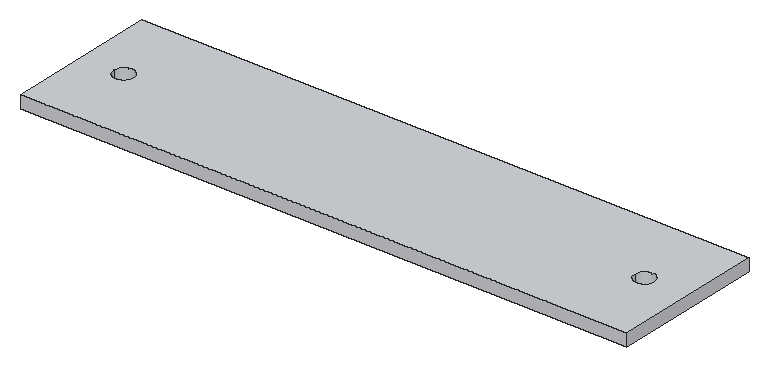
Revit family "Trench Cover 3", category Plumbing Fixtures, Revit 2022
Family settings
  Round Connector Dimension = Use Diameter
  Part Type = Normal
  Work Plane-Based = No
  Always vertical = No
  Cut with Voids When Loaded = No
  Maintain Annotation Orientation = No
  Shared = No
  Room Calculation Point = No
Parameters
  Width [instance] = 300 mm
  Thickness [instance] = 25 mm
  Length [instance] = 1200 mm
  Default Elevation = 0 mm
Reference planes
  plane 1 "Center (Front/Back)": y = 0
  plane 2: z = 0
  plane 3 "Center (Left/Right)": x = 0
  plane 4: y = 150
  plane 5: y = -150
  plane 6: z = 25
  plane 7: x = -600
  plane 8: x = 600
  plane 9: x = -515
  plane 10: x = 515
Forms (mm)
  Extrusion 1, solid
    sketch origin (0, 0, 0) x (1, 0, 0) y (0, 1, 0)
      loop
        line (-600, 150) -> (-600, -150) -> (600, -150) -> (600, 150) -> (-600, 150)
    from 0 to 25
  Extrusion 2, void
    sketch origin (0, 0, 0) x (1, 0, 0) y (0, 1, 0)
      loop
        circle (-515, 0) r 20
      loop
        circle (515, 0) r 20
    from 0 to 25
Cuts and joins
  Extrusion 2 cuts Extrusion 1
Dimensions and locks
  "Thickness": plane 6 to level
  equal spacing: plane 7, plane 3 "Center (Left/Right)", plane 8
  "Length": plane 7 to plane 8
  equal spacing: plane 4, plane 1 "Center (Front/Back)", plane 5
  "Width": plane 5 to plane 4
  locked: plane 7 to plane 9 at 85
  locked: plane 10 to plane 8 at 85
  aligned and locked: level to plane 2
  aligned and locked: Extrusion 1 sketch curve to plane 4
  aligned and locked: Extrusion 1 sketch curve to plane 5
  aligned and locked: Extrusion 1 to plane 7
  aligned and locked: plane 8 to Extrusion 1
  aligned and locked: plane 6 to Extrusion 2
  aligned and locked: plane 6 to Extrusion 1
Automatic sketch dimensions
  plane 8 to Extrusion 1 sketch curve = 0 mm
  Extrusion 1 sketch curve to plane 7 = 0 mm
  plane 1 "Center (Front/Back)" to Extrusion 2 sketch curve = 0 mm  (x2)
  Extrusion 2 sketch curve to plane 9 = 0 mm
  Extrusion 2 sketch curve to plane 10 = 0 mm
  radius of Extrusion 2 sketch curve = 20 mm  (x2)
